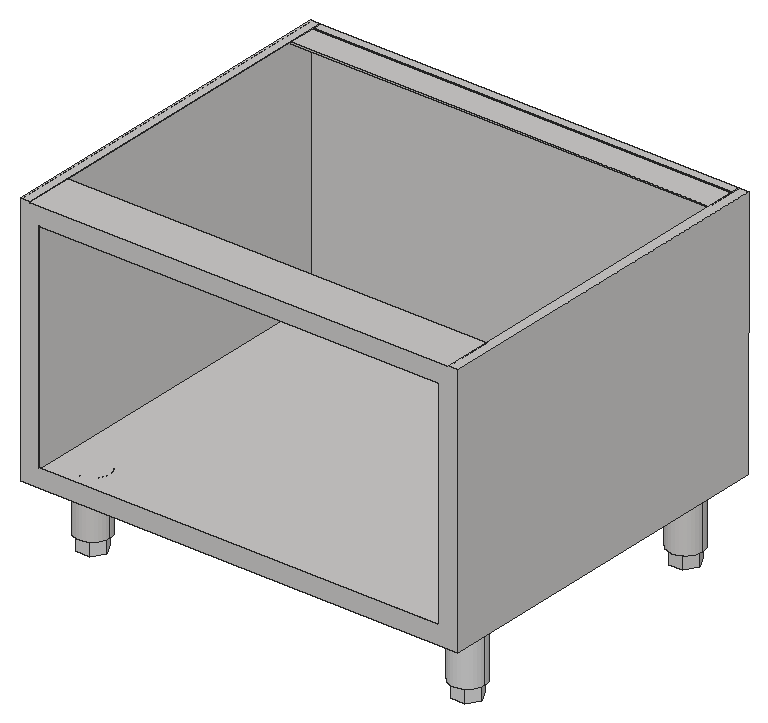
Revit family "QF_ELECTROLUXPROFESSIONAL_169031_AV36", category Specialty Equipment, Revit 2018
Family settings
  Round Connector Dimension = Use Diameter
  Part Type = Normal
  Work Plane-Based = No
  Always vertical = Yes
  Cut with Voids When Loaded = No
  Shared = Yes
  Room Calculation Point = No
Parameters
  Weight = "66 lbs."
  URL Manufacturer = "www.electrolux.com/foodservice"
  URL Cutsheet = "www.electrolux.com/foodservice"
  URL = "www.electrolux.com/foodservice"
  Type Mark [instance] = ""
  Type Comments = ""
  Status [instance] = ""
  Specification by User [instance] = ""
  Specification by Manufacturer = ""
  Serial Number = ""
  Seismic Rating = ""
  SMACNA No = ""
  Revision Code [instance] = ""
  Omniclass Number and Title = ""
  NAFEM Spec ID Number = ""
  Model = "AV36"
  MasterSpec. = ""
  Manufacturer = "ELECTROLUX"
  Item Number [instance] = ""
  Installed By [instance] = ""
  Identify Quantity as Lot [instance] = yes
  Furnished By [instance] = ""
  Foodservice Equipment Identifier [instance] = yes
  Direct Waste Size = 0"
  Description = "Open Cupboard 36\""
  CSI MasterFormat = ""
  CSI Master Format = ""
Reference planes (in)
  plane 1 "BACK": y = 0
  plane 2: z = 0
  plane 3 "LEFT": x = 0
  plane 4 "RIGHT": x = 36
  plane 5 "FRONT": y = -29.9375
  plane 6 "TOP": z = 26.75
  plane 7: z = 5.875
  plane 8: x = 33.4375
Forms (in)
  Extrusion 1, solid, material "QF_Finishes_Handrails and Railings"
    sketch origin (0.0822, 0.07031, 0) x (1, 0, 0) y (0, 1, 0)
      loop
        line (3.07085, -24.73494) -> (1.88975, -24.73494) -> (1.2992, -25.75781) -> (1.88975, -26.78067) -> (3.07085, -26.78067) -> (3.6614, -25.75781) -> (3.07085, -24.73494)
    from 0 to 1.1811
  Revolve 2, solid, material "QF_Finishes_Stainless Steel"
    sketch origin (0.0822, -25.6875, 0) x (1, 0, 0) y (0, 0, 1)
      loop
        line (2.4803, 1.1811) -> (2.4803, 5.875) -> (1.10235, 5.875) -> (1.10235, 1.1811) -> (2.4803, 1.1811)
      axis (2.4803, 5.875) -> (2.4803, 1.1811)
    angle from 0 to 360
  Extrusion 3, solid, material "QF_Finishes_Stainless Steel"
    sketch origin (0.0822, 22.50781, 0) x (1, 0, 0) y (0, 1, 0)
      loop
        line (3.07085, -24.73494) -> (1.88975, -24.73494) -> (1.2992, -25.75781) -> (1.88975, -26.78067) -> (3.07085, -26.78067) -> (3.6614, -25.75781) -> (3.07085, -24.73494)
    from 0 to 1.1811
  Revolve 4, solid, material "QF_Finishes_Stainless Steel"
    sketch origin (0.0822, -3.25, 0) x (1, 0, 0) y (0, 0, 1)
      loop
        line (2.4803, 1.1811) -> (2.4803, 5.875) -> (1.10235, 5.875) -> (1.10235, 1.1811) -> (2.4803, 1.1811)
      axis (2.4803, 5.875) -> (2.4803, 1.1811)
    angle from 0 to 360
  Extrusion 5, solid, material "QF_Finishes_Handrails and Railings"
    sketch origin (30.9572, 0.07031, 0) x (1, 0, 0) y (0, 1, 0)
      loop
        line (3.07085, -24.73494) -> (1.88975, -24.73494) -> (1.2992, -25.75781) -> (1.88975, -26.78067) -> (3.07085, -26.78067) -> (3.6614, -25.75781) -> (3.07085, -24.73494)
    from 0 to 1.1811
  Revolve 6, solid, material "QF_Finishes_Handrails and Railings"
    sketch origin (30.9572, -25.6875, 0) x (1, 0, 0) y (0, 0, 1)
      loop
        line (2.4803, 1.1811) -> (2.4803, 5.875) -> (1.10235, 5.875) -> (1.10235, 1.1811) -> (2.4803, 1.1811)
      axis (2.4803, 5.875) -> (2.4803, 1.1811)
    angle from 0 to 360
  Extrusion 7, solid, material "QF_Finishes_Stainless Steel"
    sketch origin (30.9572, 22.50781, 0) x (1, 0, 0) y (0, 1, 0)
      loop
        line (3.07085, -24.73494) -> (1.88975, -24.73494) -> (1.2992, -25.75781) -> (1.88975, -26.78067) -> (3.07085, -26.78067) -> (3.6614, -25.75781) -> (3.07085, -24.73494)
    from 0 to 1.1811
  Revolve 8, solid, material "QF_Finishes_Stainless Steel"
    sketch origin (30.9572, -3.25, 0) x (1, 0, 0) y (0, 0, 1)
      loop
        line (2.4803, 1.1811) -> (2.4803, 5.875) -> (1.10235, 5.875) -> (1.10235, 1.1811) -> (2.4803, 1.1811)
      axis (2.4803, 5.875) -> (2.4803, 1.1811)
    angle from 0 to 360
  Extrusion 9, solid, material "QF_Finishes_Stainless Steel"
    sketch origin (0, 0, 0) x (1, 0, 0) y (0, 0, 1)
      loop
        line (0, 5.875) -> (36, 5.875) -> (36, 26.6875) -> (0, 26.6875) -> (0, 5.875)
    from 0 to 0.0625
  Extrusion 10, solid, material "QF_Finishes_Stainless Steel"
    sketch origin (0, -30.3125, 0) x (1, 0, 0) y (0, 0, 1)
      loop
        line (0.0625, 5.9375) -> (35.9375, 5.9375) -> (35.9375, 26.6875) -> (0.0625, 26.6875) -> (0.0625, 5.9375)
      loop
        line (34.5, 25.25) -> (1.5, 25.25) -> (1.5, 7.375) -> (34.5, 7.375) -> (34.5, 25.25)
    from -0.4375 to -0.375
  Extrusion 11, solid, material "QF_Finishes_Stainless Steel"
    sketch origin (0, 0, 0) x (1, 0, 0) y (0, 0, 1)
      loop
        line (36, 26.75) -> (35.25, 26.75) -> (35.25, 26.6875) -> (35.9375, 26.6875) -> (35.9375, 5.9375) -> (0.0625, 5.9375) -> (0.0625, 26.6875) -> (0.75, 26.6875) -> (0.75, 26.75) -> (0, 26.75) -> (0, 5.875) -> (36, 5.875) -> (36, 26.75)
    from 0 to 29.9375
  Extrusion 12, solid, material "QF_Finishes_Stainless Steel"
    sketch origin (0, 0, 26.6875) x (1, 0, 0) y (0, 1, 0)
      loop
        line (0.75, 0) -> (0.75, -0.75) -> (35.25, -0.75) -> (35.25, 0) -> (0.75, 0)
    from 0 to 0.0625
  Extrusion 13, solid, material "QF_Finishes_Stainless Steel"
    sketch origin (0, -29.1875, 26.5625) x (1, 0, 0) y (0, 1, 0)
      loop
        line (0.75, 3.25) -> (0.75, -0.6875) -> (35.25, -0.6875) -> (35.25, 3.25) -> (0.75, 3.25)
      loop
        line (0.75, 28.4375) -> (0.75, 26.1875) -> (35.25, 26.1875) -> (35.25, 28.4375) -> (0.75, 28.4375)
    from 0 to 0.125
Cuts and joins
  joined: Extrusion 9, Extrusion 10, Extrusion 11, Extrusion 13
Lines and regions (in)
  symbolic lines
    curve 1: line (0, 0, 0) -> (36, 0, 0)
    curve 2: line (0, -29.9375, 0) -> (0, 0, 0)
    curve 3: line (36, -29.9375, 0) -> (0, -29.9375, 0)
    curve 4: line (36, 0, 0) -> (36, -29.9375, 0)
    curve 5: line (35.25, -29.9375, 0) -> (0.75, -29.9375, 0)
    curve 6: line (35.25, -0.75, 0) -> (35.25, -29.9375, 0)
    curve 7: line (0.75, -0.75, 0) -> (35.25, -0.75, 0)
    curve 8: line (0.75, -29.9375, 0) -> (0.75, -0.75, 0)
    curve 9: line (0.75, -3, 0) -> (35.25, -3, 0)
    curve 10: line (35.25, -25.9375, 0) -> (0.75, -25.9375, 0)
    curve 11: line (35.25, -0.75, 0) -> (36, 0, 0)
    curve 12: line (0.75, -0.75, 0) -> (0, 0, 0)
Dimensions and locks (in)
  locked: plane 5 "FRONT" to plane 1 "BACK" at 29.9375
  plane 3 "LEFT" to plane 4 "RIGHT" = 36"  (x2)
  plane 6 "TOP" to level = 26 3/4"  (x3)
  plane 1 "BACK" to plane 5 "FRONT" = 29 15/16"
  plane 1 "BACK" to Extrusion 3 = 3 1/4"
  Extrusion 3 to Extrusion 1 = 22 7/16"
  plane 7 to level = 5 7/8"
  plane 5 "FRONT" to plane 1 "BACK" = 29 15/16"
  aligned and locked: level to plane 2
  aligned and locked: plane 5 "FRONT" to cut or joined group of Extrusion 9, Extrusion 10, Extrusion 11, Extrusion 13
